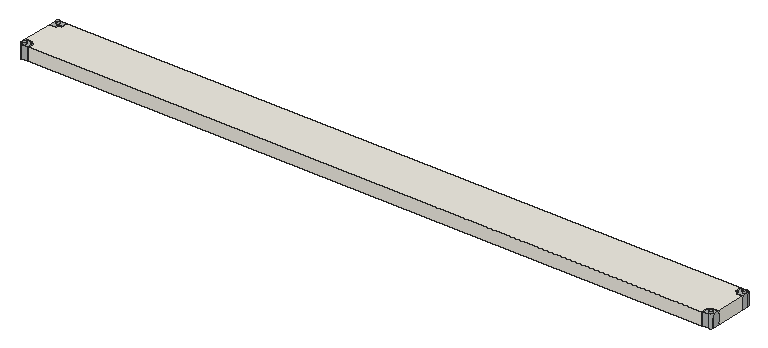
Revit family "HIGHTECH", category Осветительные приборы, Revit 2019 (continued)
Types (32, lengths in mm): name | Файл фотометрической сетки | built-in parameter 1150105 | Lumens | built-in parameter 1150106 | built-in parameter 1150142 | Wattage | Emit from Rectangle Width | Emit from Rectangle Length | Длина | Ширина | ADSK_Ток | ADSK_Полная мощность | ADSK_Обозначение | ADSK_Номинальная мощность | ADSK_Наименование | ADSK_Масса | ADSK_Код изделия
    296 0.296 0.296 0.296 0.296 0.296 0.296 0.296 0.197 \r\n0.197 0.197 0.197 0.197 0.197 0.197 0.197 0.098 0.098 0.098 0.098 0.098 0.098 0.098 0.098 0.000 0.000 0.000 0.000 \r\n1417.637 1418.229 1415.861 1411.421 1404.415 1394.746 1382.512 1367.219 1349.656 1329.626 1307.821 1283.549 1257.403 1229.579 1199.782 1168.209 1135.155 1100.523 \r\n1064.708 1027.609 989.425 950.057 909.998 868.855 827.317 784.989 742.365 699.347 655.538 611.928 568.021 523.622 480.110 436.006 392.100 348.884 306.556 265.017 224.860 185.591 \r\n146.026 110.605 77.157 45.781 17.464 0.592 0.592 0.493 0.493 0.493 0.493 0.493 0.493 0.493 0.493 0.395 0.395 0.395 0.395 0.395 0.395 0.395 0.395 0.296 0.296 0.296 0.296 0.296 0.296 0.296 0.296 0.197 \r\n0.197 0.197 0.197 0.197 0.197 0.197 0.197 0.098 0.098 0.098 0.098 0.098 0.098 0.098 0.098 0.000 0.000 0.000 0.000 \r\n1417.637 1418.130 1415.762 1411.223 1404.218 1394.450 1382.216 1366.824 1349.261 1329.231 1307.427 1283.056 1256.910 1228.987 1199.190 1167.616 1134.563 1099.833 \r\n1064.016 1026.918 988.833 949.367 909.308 868.165 826.625 784.298 741.674 698.656 654.946 611.336 567.430 523.030 479.518 435.414 391.606 348.391 306.063 264.623 224.465 185.196 \r\n145.730 110.309 76.861 45.485 17.266 0.592 0.592 0.493 0.493 0.493 0.493 0.493 0.493 0.493 0.493 0.395 0.395 0.395 0.395 0.395 0.395 0.395 0.395 0.296 0.296 0.296 0.296 0.296 0.296 0.296 0.296 0.197 \r\n0.197 0.197 0.197 0.197 0.197 0.197 0.197 0.098 0.098 0.098 0.098 0.098 0.098 0.098 0.098 0.000 0.000 0.000 0.000 \r\n1417.637 1418.130 1415.565 1411.026 1403.922 1394.154 1381.919 1366.527 1348.866 1328.837 1306.933 1282.563 1256.416 1228.494 1198.597 1167.024 1133.873 1099.241 \r\n1063.425 1026.228 988.143 948.676 908.519 867.474 825.935 783.608 740.983 698.064 654.256 610.646 566.739 522.438 478.926 434.822 391.014 347.897 305.569 264.229 224.072 184.901 \r\n145.434 110.013 76.565 45.288 17.069 0.592 0.592 0.493 0.493 0.493 0.493 0.493 0.493 0.493 0.493 0.395 0.395 0.395 0.395 0.395 0.395 0.395 0.395 0.296 0.296 0.296 0.296 0.296 0.296 0.296 0.296 0.197 \r\n0.197 0.197 0.197 0.197 0.197 0.197 0.197 0.098 0.098 0.098 0.098 0.098 0.098 0.098 0.098 0.000 0.000 0.000 0.000 \r\n1417.637 1418.031 1415.466 1410.928 1403.725 1393.858 1381.524 1366.133 1348.472 1328.443 1306.440 1282.070 1255.824 1227.901 1198.006 1166.433 1133.280 1098.550 \r\n1062.735 1025.537 987.451 947.887 907.829 866.784 825.244 782.916 740.293 697.373 653.565 610.053 566.147 521.747 478.334 434.328 390.521 347.404 305.175 263.735 223.677 184.506 \r\n145.039 109.717 76.368 44.992 16.871 0.592 0.592 0.493 0.493 0.493 0.493 0.493 0.493 0.493 0.493 0.395 0.395 0.395 0.395 0.395 0.395 0.395 0.395 0.296 0.296 0.296 0.296 0.296 0.296 0.296 0.296 0.197 \r\n0.197 0.197 0.197 0.197 0.197 0.197 0.197 0.098 0.098 0.098 0.098 0.098 0.098 0.098 0.098 0.000 0.000 0.000 0.000 \r\n1417.637 1418.031 1415.368 1410.730 1403.527 1393.562 1381.229 1365.738 1348.077 1327.949 1306.045 1281.575 1255.331 1227.310 1197.414 1165.841 1132.689 1097.958 \r\n1062.043 1024.846 986.761 947.196 907.137 866.092 824.554 782.226 739.602 696.683 652.973 609.363 565.456 521.155 477.742 433.737 390.028 346.910 304.681 263.341 223.282 184.111 \r\n144.743 109.421 76.072 44.794 16.576 0.592 0.592 0.493 0.493 0.493 0.493 0.493 0.493 0.493 0.493 0.395 0.395 0.395 0.395 0.395 0.395 0.395 0.395 0.296 0.296 0.296 0.296 0.296 0.296 0.296 0.296 0.197 \r\n0.197 0.197 0.197 0.197 0.197 0.197 0.197 0.098 0.098 0.098 0.098 0.098 0.098 0.098 0.098 0.000 0.000 0.000 0.000 \r\n1417.637 1417.932 1415.268 1410.533 1403.232 1393.365 1380.933 1365.443 1347.682 1327.555 1305.552 1281.082 1254.837 1226.816 1196.821 1165.150 1131.998 1097.267 \r\n1061.452 1024.254 986.070 946.506 906.447 865.401 823.863 781.535 738.912 695.991 652.282 608.672 564.864 520.563 477.150 433.145 389.436 346.417 304.287 262.946 222.887 183.815 \r\n144.448 109.125 75.874 44.597 16.378 0.592 0.592 0.493 0.493 0.493 0.493 0.493 0.493 0.493 0.493 0.395 0.395 0.395 0.395 0.395 0.395 0.395 0.395 0.296 0.296 0.296 0.296 0.296 0.296 0.296 0.296 0.197 \r\n0.197 0.197 0.197 0.197 0.197 0.197 0.197 0.098 0.098 0.098 0.098 0.098 0.098 0.098 0.098 0.000 0.000 0.000 0.000 \r\n1417.637 1417.932 1415.170 1410.434 1403.034 1393.069 1380.636 1365.048 1347.287 1327.160 1305.157 1280.589 1254.344 1226.225 1196.230 1164.558 1131.406 1096.675 \r\n1060.761 1023.564 985.380 945.815 905.756 864.613 823.173 780.845 738.221 695.301 651.592 608.080 564.174 519.971 476.558 432.652 388.943 345.924 303.794 262.453 222.492 183.420 \r\n144.151 108.829 75.579 44.301 16.181 0.592 0.592 0.493 0.493 0.493 0.493 0.493 0.493 0.493 0.493 0.395 0.395 0.395 0.395 0.395 0.395 0.395 0.395 0.296 0.296 0.296 0.296 0.296 0.296 0.296 0.296 0.197 \r\n0.197 0.197 0.197 0.197 0.197 0.197 0.197 0.098 0.098 0.098 0.098 0.098 0.098 0.098 0.098 0.000 0.000 0.000 0.000 \r\n1417.637 1417.834 1415.071 1410.237 1402.837 1392.772 1380.243 1364.653 1346.892 1326.765 1304.664 1280.096 1253.752 1225.730 1195.638 1163.965 1130.814 1095.984 \r\n1060.071 1022.873 984.689 945.124 905.066 863.922 822.482 780.154 737.531 694.610 651.000 607.390 563.581 519.379 475.966 432.059 388.350 345.431 303.300 262.058 222.098 183.026 \r\n143.757 108.533 75.282 44.104 15.983 0.592 0.592 0.493 0.493 0.493 0.493 0.493 0.493 0.493 0.493 0.395 0.395 0.395 0.395 0.395 0.395 0.395 0.395 0.296 0.296 0.296 0.296 0.296 0.296 0.296 0.296 0.197 \r\n0.197 0.197 0.197 0.197 0.197 0.197 0.197 0.098 0.098 0.098 0.098 0.098 0.098 0.098 0.098 0.000 0.000 0.000 0.000 \r\n1417.637 1417.834 1414.973 1410.138 1402.541 1392.477 1379.946 1364.258 1346.499 1326.272 1304.171 1279.603 1253.259 1225.139 1195.045 1163.374 1130.123 1095.393 \r\n1059.478 1022.183 983.999 944.433 904.375 863.231 821.792 779.464 736.840 693.920 650.309 606.699 562.891 518.787 475.374 431.566 387.857 344.937 302.906 261.663 221.703 182.730 \r\n143.461 108.237 75.085 43.906 15.688 0.592 0.592 0.493 0.493 0.493 0.493 0.493 0.493 0.493 0.493 0.395 0.395 0.395 0.395 0.395 0.395 0.395 0.395 0.296 0.296 0.296 0.296 0.296 0.296 0.296 0.296 0.197 \r\n0.197 0.197 0.197 0.197 0.197 0.197 0.197 0.098 0.098 0.098 0.098 0.098 0.098 0.098 0.098 0.000 0.000 0.000 0.000 \r\n1417.637 1417.736 1414.874 1409.940 1402.344 1392.181 1379.650 1363.962 1346.104 1325.877 1303.776 1279.109 1252.766 1224.547 1194.454 1162.782 1129.531 1094.702 \r\n1058.788 1021.492 983.308 943.742 903.684 862.540 821.100 778.773 736.148 693.327 649.618 606.107 562.298 518.096 474.782 430.974 387.364 344.444 302.412 261.170 221.308 182.335 \r\n143.165 108.040 74.789 43.611 15.490 0.592 0.592 0.493 0.493 0.493 0.493 0.493 0.493 0.493 0.493 0.395 0.395 0.395 0.395 0.395 0.395 0.395 0.395 0.296 0.296 0.296 0.296 0.296 0.296 0.296 0.296 0.197 \r\n0.197 0.197 0.197 0.197 0.197 0.197 0.197 0.098 0.098 0.098 0.098 0.098 0.098 0.098 0.098 0.000 0.000 0.000 0.000 \r\n1417.637 1417.736 1414.775 1409.743 1402.146 1391.984 1379.355 1363.568 1345.709 1325.482 1303.283 1278.616 1252.272 1224.054 1193.862 1162.091 1128.940 1094.110 \r\n1058.097 1020.801 982.617 943.052 902.994 861.850 820.410 778.082 735.458 692.637 649.027 605.416 561.608 517.504 474.190 430.383 386.772 343.951 301.918 260.775 220.913 181.941 \r\n142.770 107.743 74.592 43.413 15.293 0.592 0.592 0.493 0.493 0.493 0.493 0.493 0.493 0.493 0.493 0.395 0.395 0.395 0.395 0.395 0.395 0.395 0.395 0.296 0.296 0.296 0.296 0.296 0.296 0.296 0.296 0.197 \r\n0.197 0.197 0.197 0.197 0.197 0.197 0.197 0.098 0.098 0.098 0.098 0.098 0.098 0.098 0.098 0.000 0.000 0.000 0.000 \r\n1417.637 1417.637 1414.677 1409.645 1401.851 1391.688 1378.960 1363.173 1345.314 1325.088 1302.790 1278.123 1251.680 1223.461 1193.269 1161.499 1128.249 1093.518 \r\n1057.406 1020.110 981.926 942.361 902.204 861.159 819.719 777.391 734.867 691.946 648.335 604.726 561.017 516.913 473.598 429.888 386.279 343.458 301.524 260.380 220.519 181.644 \r\n142.474 107.448 74.296 43.216 15.096 0.592 0.592 0.493 0.493 0.493 0.493 0.493 0.493 0.493 0.493 0.395 0.395 0.395 0.395 0.395 0.395 0.395 0.395 0.296 0.296 0.296 0.296 0.296 0.296 0.296 0.296 0.197 \r\n0.197 0.197 0.197 0.197 0.197 0.197 0.197 0.098 0.098 0.098 0.098 0.098 0.098 0.098 0.098 0.000 0.000 0.000 0.000 \r\n1417.637 1417.637 1414.578 1409.447 1401.653 1391.391 1378.663 1362.877 1344.920 1324.693 1302.395 1277.630 1251.187 1222.968 1192.678 1160.908 1127.657 1092.827 \r\n1056.814 1019.419 981.236 941.671 901.514 860.369 819.028 776.701 734.175 691.256 647.645 604.133 560.326 516.320 473.006 429.297 385.785 342.963 301.030 259.887 220.125 181.249 \r\n142.178 107.152 74.099 42.920 14.800 0.592 0.592 0.493 0.493 0.493 0.493 0.493 0.493 0.493 0.493 0.395 0.395 0.395 0.395 0.395 0.395 0.395 0.395 0.296 0.296 0.296 0.296 0.296 0.296 0.296 0.296 0.197 \r\n0.197 0.197 0.197 0.197 0.197 0.197 0.197 0.098 0.098 0.098 0.098 0.098 0.098 0.098 0.098 0.000 0.000 0.000 0.000 \r\n1417.637 1417.538 1414.480 1409.250 1401.456 1391.096 1378.367 1362.482 1344.525 1324.200 1301.902 1277.136 1250.693 1222.376 1192.184 1160.315 1127.064 1092.235 \r\n1056.124 1018.828 980.545 940.980 900.823 859.679 818.338 776.010 733.485 690.565 647.054 603.443 559.734 515.728 472.414 428.705 385.193 342.470 300.537 259.492 219.730 180.856 \r\n141.882 106.855 73.802 42.723 14.602 0.592 0.592 0.493 0.493 0.493 0.493 0.493 0.493 0.493 0.493 0.395 0.395 0.395 0.395 0.395 0.395 0.395 0.395 0.296 0.296 0.296 0.296 0.296 0.296 0.296 0.296 0.197 \r\n0.197 0.197 0.197 0.197 0.197 0.197 0.197 0.098 0.098 0.098 0.098 0.098 0.098 0.098 0.098 0.000 0.000 0.000 0.000 \r\n1417.637 1417.538 1414.380 1409.152 1401.258 1390.898 1378.072 1362.087 1344.130 1323.805 1301.408 1276.643 1250.200 1221.784 1191.593 1159.625 1126.374 1091.545 \r\n1055.433 1018.137 979.855 940.290 900.133 858.988 817.647 775.221 732.794 689.875 646.362 602.851 559.043 515.137 471.822 428.212 384.700 341.977 300.142 259.097 219.335 180.559 \r\n141.487 106.560 73.506 42.525 14.405 0.592 0.592 0.493 0.493 0.493 0.493 0.493 0.493 0.493 0.493 0.395 0.395 0.395 0.395 0.395 0.395 0.395 0.395 0.296 0.296 0.296 0.296 0.296 0.296 0.296 0.296 0.197 \r\n0.197 0.197 0.197 0.197 0.197 0.197 0.197 0.098 0.098 0.098 0.098 0.098 0.098 0.098 0.098 0.000 0.000 0.000 0.000 \r\n1417.637 1417.439 1414.282 1408.954 1400.963 1390.603 1377.677 1361.792 1343.735 1323.410 1301.014 1276.149 1249.608 1221.291 1191.000 1159.032 1125.782 1090.953 \r\n1054.841 1017.446 979.164 939.500 899.442 858.298 816.957 774.530 732.103 689.184 645.672 602.160 558.451 514.446 471.230 427.619 384.108 341.484 299.649 258.604 218.940 180.165 \r\n141.191 106.264 73.309 42.229 14.208 0.592 0.592 0.493 0.493 0.493 0.493 0.493 0.493 0.493 0.493 0.395 0.395 0.395 0.395 0.395 0.395 0.395 0.395 0.296 0.296 0.296 0.296 0.296 0.296 0.296 0.296 0.197 \r\n0.197 0.197 0.197 0.197 0.197 0.197 0.197 0.098 0.098 0.098 0.098 0.098 0.098 0.098 0.098 0.000 0.000 0.000 0.000 \r\n1417.637 1417.439 1414.183 1408.855 1400.765 1390.306 1377.381 1361.397 1343.341 1323.015 1300.520 1275.656 1249.114 1220.699 1190.408 1158.440 1125.190 1090.262 \r\n1054.151 1016.755 978.473 938.809 898.750 857.607 816.266 773.839 731.413 688.592 645.080 601.469 557.859 513.854 470.638 427.126 383.615 340.990 299.254 258.209 218.546 179.770 \r\n140.896 105.967 73.013 42.031 13.912 0.592 0.592 0.493 0.493 0.493 0.493 0.493 0.493 0.493 0.493 0.395 0.395 0.395 0.395 0.395 0.395 0.395 0.395 0.296 0.296 0.296 0.296 0.296 0.296 0.296 0.296 0.197 \r\n0.197 0.197 0.197 0.197 0.197 0.197 0.197 0.098 0.098 0.098 0.098 0.098 0.098 0.098 0.098 0.000 0.000 0.000 0.000 \r\n1417.637 1417.341 1414.085 1408.658 1400.568 1390.010 1377.085 1361.002 1342.947 1322.522 1300.026 1275.261 1248.621 1220.205 1189.817 1157.849 1124.598 1089.670 \r\n1053.460 1016.065 977.881 938.119 898.060 856.917 815.575 773.149 730.722 687.901 644.390 600.877 557.168 513.262 470.046 426.534 383.121 340.497 298.761 257.814 218.151 179.473 \r\n140.501 105.672 72.816 41.835 13.714 0.592 0.592 0.493 0.493 0.493 0.493 0.493 0.493 0.493 0.493 0.395 0.395 0.395 0.395 0.395 0.395 0.395 0.395 0.296 0.296 0.296 0.296 0.296 0.296 0.296 0.296 0.197 \r\n0.197 0.197 0.197 0.197 0.197 0.197 0.197 0.098 0.098 0.098 0.098 0.098 0.098 0.098 0.098 0.000 0.000 0.000 0.000 \r\n1417.637 1417.341 1413.986 1408.461 1400.271 1389.715 1376.789 1360.608 1342.552 1322.128 1299.632 1274.768 1248.128 1219.614 1189.224 1157.256 1123.907 1088.980 \r\n1052.868 1015.374 977.191 937.428 897.369 856.127 814.884 772.458 730.032 687.211 643.698 600.187 556.577 512.670 469.454 425.942 382.529 340.004 298.268 257.321 217.756 179.080 \r\n140.204 105.376 72.520 41.538 13.517 0.592 0.592 0.493 0.493 0.493 0.493 0.493 0.493 0.493 0.493 0.395 0.395 0.395 0.395 0.395 0.395 0.395 0.395 0.296 0.296 0.296 0.296 0.296 0.296 0.296 0.296 0.197 \r\n0.197 0.197 0.197 0.197 0.197 0.197 0.197 0.098 0.098 0.098 0.098 0.098 0.098 0.098 0.098 0.000 0.000 0.000 0.000 \r\n1417.637 1417.242 1413.789 1408.362 1400.075 1389.517 1376.394 1360.311 1342.157 1321.733 1299.138 1274.274 1247.536 1219.022 1188.632 1156.566 1123.315 1088.388 \r\n1052.177 1014.684 976.500 936.738 896.581 855.436 814.194 771.768 729.341 686.519 643.107 599.496 555.885 512.078 468.862 425.449 382.035 339.511 297.873 256.926 217.362 178.685 \r\n139.909 105.079 72.223 41.341 13.221 0.592 0.592 0.493 0.493 0.493 0.493 0.493 0.493 0.493 0.493 0.395 0.395 0.395 0.395 0.395 0.395 0.395 0.395 0.296 0.296 0.296 0.296 0.296 0.296 0.296 0.296 0.197 \r\n0.197 0.197 0.197 0.197 0.197 0.197 0.197 0.098 0.098 0.098 0.098 0.098 0.098 0.098 0.098 0.000 0.000 0.000 0.000 \r\n1417.637 1417.242 1413.690 1408.165 1399.877 1389.220 1376.098 1359.917 1341.762 1321.339 1298.645 1273.781 1247.043 1218.528 1188.041 1155.974 1122.723 1087.697 \r\n1051.487 1013.993 975.810 936.046 895.889 854.746 813.503 771.077 728.650 685.829 642.416 598.904 555.294 511.486 468.270 424.857 381.542 339.018 297.380 256.533 216.967 178.389 \r\n139.613 104.882 72.026 41.143 13.024 0.592 0.592 0.493 0.493 0.493 0.493 0.493 0.493 0.493 0.493 0.395 0.395 0.395 0.395 0.395 0.395 0.395 0.395 0.296 0.296 0.296 0.296 0.296 0.296 0.296 0.296 0.197 \r\n0.197 0.197 0.197 0.197 0.197 0.197 0.197 0.098 0.098 0.098 0.098 0.098 0.098 0.098 0.098 0.000 0.000 0.000 0.000 \r\n1417.637 1417.143 1413.592 1407.967 1399.580 1388.925 1375.803 1359.523 1341.367 1320.845 1298.250 1273.288 1246.550 1217.936 1187.448 1155.382 1122.032 1087.105 \r\n1050.894 1013.401 975.119 935.356 895.199 854.055 812.813 770.386 727.959 685.138 641.725 598.213 554.603 510.795 467.678 424.265 380.951 338.524 296.887 256.038 216.573 177.994 \r\n139.218 104.586 71.730 40.848 12.826 0.592 0.592 0.493 0.493 0.493 0.493 0.493 0.493 0.493 0.493 0.395 0.395 0.395 0.395 0.395 0.395 0.395 0.395 0.296 0.296 0.296 0.296 0.296 0.296 0.296 0.296 0.197 \r\n0.197 0.197 0.197 0.197 0.197 0.197 0.197 0.098 0.098 0.098 0.098 0.098 0.098 0.098 0.098 0.000 0.000 0.000 0.000 \r\n1417.637 1417.143 1413.492 1407.869 1399.383 1388.629 1375.506 1359.226 1340.973 1320.451 1297.757 1272.795 1246.056 1217.443 1186.856 1154.790 1121.441 1086.414 \r\n1050.204 1012.711 974.428 934.665 894.508 853.365 812.122 769.695 727.269 684.448 641.134 597.523 554.011 510.203 467.086 423.772 380.457 338.031 296.492 255.645 216.178 177.599 \r\n138.922 104.291 71.533 40.650 12.629 0.592 0.592 0.592 0.493 0.493 0.493 0.493 0.493 0.493 0.493 0.395 0.395 0.395 0.395 0.395 0.395 0.395 0.395 0.296 0.296 0.296 0.296 0.296 0.296 0.296 0.296 0.197 \r\n0.197 0.197 0.197 0.197 0.197 0.197 0.197 0.098 0.098 0.098 0.098 0.098 0.098 0.098 0.098 0.000 0.000 0.000 0.000 \r\n1417.637 1417.044 1413.394 1407.671 1399.187 1388.333 1375.111 1358.832 1340.578 1320.056 1297.264 1272.301 1245.464 1216.851 1186.264 1154.099 1120.849 1085.822 \r\n1049.513 1012.020 973.737 933.975 893.818 852.575 811.432 769.004 726.578 683.855 640.443 596.930 553.321 509.611 466.494 423.180 379.964 337.537 295.999 255.250 215.783 177.304 \r\n138.626 103.994 71.237 40.453 12.333 0.592 0.592 0.592 0.493 0.493 0.493 0.493 0.493 0.493 0.493 0.395 0.395 0.395 0.395 0.395 0.395 0.395 0.395 0.296 0.296 0.296 0.296 0.296 0.296 0.296 0.296 0.197 \r\n0.197 0.197 0.197 0.197 0.197 0.197 0.197 0.098 0.098 0.098 0.098 0.098 0.098 0.09
